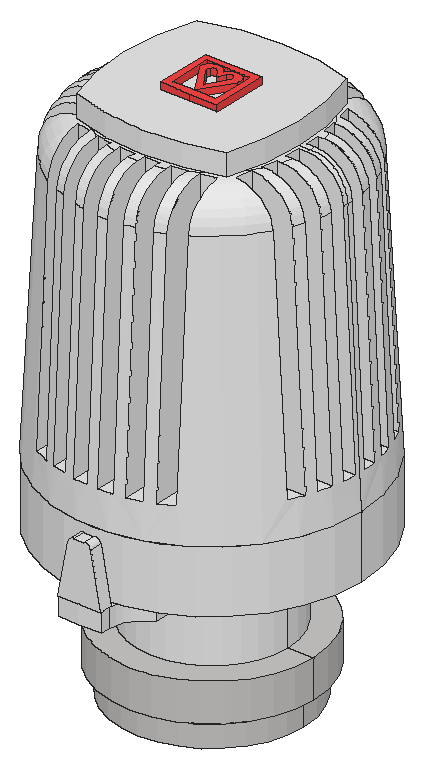
Revit family "HERZ-Classic-Thermostatic Sensor M28x1.5 7260", category Rohrzubehör, Revit 2019
Family settings
  Bemaßung runder Anschluss = Durchmesser verwenden
  Teiletyp = Normal
  OmniClass-Nummer = 23.65.55.14
  OmniClass-Titel = Valves for Liquid Services
  Arbeitsebenenbasiert = Nein
  Immer vertikal = Nein
  Beim Laden mit Abzugskörper schneiden = Nein
  Gemeinsam genutzt = Nein
Parameters
  Part number = 1726006  # constant formula
  Operation = "The HERZ-thermostat serves as probe and control element.\r\nThe valve spindle is moved when the volume of the liquid filling of the HERZ-hydrosensor changes."
  Model = "Radiator Thermostat With Hydrosensor (liquid filled)\r\nWith automatic frost protection and limitation and locking of set value range.\r\nWhite hand wheel."
  Frost protection = "6°C"  # constant formula
  W02 = 120.00°  # constant formula
  W01 = 135.00°  # constant formula
  URL = "www.herzvalves.com"
  Set value range = "6 - 28°C"  # constant formula
  S02 = 60.000 mm  # constant formula
  S01 = H02 + H07  # 79.500 mm
  R08 = 15.000 mm  # constant formula
  R07 = 6.000 mm  # constant formula
  R06 = 24.000 mm  # constant formula
  R05 = 16.350 mm  # constant formula
  R04 = 14.750 mm  # constant formula
  R03 = 13.200 mm  # constant formula
  R02 = 12.200 mm  # constant formula
  R01 = 22.400 mm  # constant formula
  Hersteller = "HERZ Armaturen Ges.m.b.H."  # constant formula
  Hand wheel = "plastic, white"  # constant formula
  H09 = 3.500 mm  # constant formula
  H08 = 10.000 mm  # constant formula
  H07 = 59.000 mm  # constant formula
  H06 = 3.500 mm  # constant formula
  H05 = 10.500 mm  # constant formula
  H04 = 11.700 mm  # constant formula
  H03 = 4.500 mm  # constant formula
  H02 = 20.500 mm  # constant formula
  H01 = 45.800 mm  # constant formula
  Application = "Can be combined with any HERZ-valve suitable for thermostatic operation."
Reference planes
  plane 1 "Mitte (Vorne/hinten)": y = 0
  plane 2: z = 0
  plane 3 "Mitte (Links/rechts)": x = 0
Forms (mm)
  Revolve 1, solid, material "Messing verzinkt", detail levels fine
    sketch origin (0, 0, 0) x (1, 0, 0) y (0, 0, 1)
      loop
        line (0, 4.5) -> (13.2, 4.5) -> (13.2, -3.563) -> (14.75, -3.563) -> (14.75, -0.063) -> (16.35, 0.861) -> (16.35, 6.937) -> (0, 6.937) -> (0, 4.5)
      axis (0, 6.937) -> (0, -3.563)
    angle from 0 to 360
  Revolve 2, solid, material "Kunststoff weiß", detail levels fine
    sketch origin (0, 0, 0) x (1, 0, 0) y (0, 0, 1)
      loop
        line (0, 20.5) -> (24, 20.5) -> (24, 30.5) -> (21.791, 73.806)
        arc (21.791, 73.806) -> (19.931, 77.849) -> (15.798, 79.5) r 6
        line (15.798, 79.5) -> (0, 79.5) -> (0, 20.5)
      axis (0, 79.5) -> (0, 20.5)
    angle from 0 to 360
  Extrusion 3, void
    sketch origin (0, 0, 0) x (1, 0, 0) y (0, 1, 0)
      loop
        line (24.458, 0.8) -> (24.458, 3.2) -> (14.361, 3.2)
        arc (14.361, 3.2) -> (14.446, 2.001) -> (14.491, 0.8) r 37
        line (14.491, 0.8) -> (24.458, 0.8)
      loop
        line (24.458, 4.8) -> (24.458, 7.2) -> (13.793, 7.2)
        arc (13.793, 7.2) -> (14.01, 6.003) -> (14.187, 4.8) r 37
        line (14.187, 4.8) -> (24.458, 4.8)
      loop
        line (24.458, 8.8) -> (24.458, 11.2) -> (12.764, 11.2)
        arc (12.764, 11.2) -> (13.121, 10.006) -> (13.438, 8.8) r 37
        line (13.438, 8.8) -> (24.458, 8.8)
      loop
        line (24.458, -0.8) -> (14.491, -0.8)
        arc (14.491, -0.8) -> (14.446, -2.001) -> (14.361, -3.2) r 37
        line (14.361, -3.2) -> (24.458, -3.2) -> (24.458, -0.8)
      loop
        line (24.458, -4.8) -> (14.187, -4.8)
        arc (14.187, -4.8) -> (14.01, -6.003) -> (13.793, -7.2) r 37
        line (13.793, -7.2) -> (24.458, -7.2) -> (24.458, -4.8)
      loop
        line (24.458, -8.8) -> (13.438, -8.8)
        arc (13.438, -8.8) -> (13.121, -10.006) -> (12.764, -11.2) r 37
        line (12.764, -11.2) -> (24.458, -11.2) -> (24.458, -8.8)
      loop
        line (-24.458, 0.8) -> (-14.491, 0.8)
        arc (-14.491, 0.8) -> (-14.446, 2.001) -> (-14.361, 3.2) r 37
        line (-14.361, 3.2) -> (-24.458, 3.2) -> (-24.458, 0.8)
      loop
        line (-24.458, 4.8) -> (-14.187, 4.8)
        arc (-14.187, 4.8) -> (-14.01, 6.003) -> (-13.793, 7.2) r 37
        line (-13.793, 7.2) -> (-24.458, 7.2) -> (-24.458, 4.8)
      loop
        line (-24.458, 8.8) -> (-13.438, 8.8)
        arc (-13.438, 8.8) -> (-13.121, 10.006) -> (-12.764, 11.2) r 37
        line (-12.764, 11.2) -> (-24.458, 11.2) -> (-24.458, 8.8)
      loop
        line (-24.458, -0.8) -> (-24.458, -3.2) -> (-14.361, -3.2)
        arc (-14.361, -3.2) -> (-14.446, -2.001) -> (-14.491, -0.8) r 37
        line (-14.491, -0.8) -> (-24.458, -0.8)
      loop
        line (-24.458, -4.8) -> (-24.458, -7.2) -> (-13.793, -7.2)
        arc (-13.793, -7.2) -> (-14.01, -6.003) -> (-14.187, -4.8) r 37
        line (-14.187, -4.8) -> (-24.458, -4.8)
      loop
        line (-24.458, -8.8) -> (-24.458, -11.2) -> (-12.764, -11.2)
        arc (-12.764, -11.2) -> (-13.121, -10.006) -> (-13.438, -8.8) r 37
        line (-13.438, -8.8) -> (-24.458, -8.8)
      loop
        line (0.8, 24.458) -> (0.8, 14.491)
        arc (0.8, 14.491) -> (2.001, 14.446) -> (3.2, 14.361) r 37
        line (3.2, 14.361) -> (3.2, 24.458) -> (0.8, 24.458)
      loop
        line (4.8, 24.458) -> (4.8, 14.187)
        arc (4.8, 14.187) -> (6.003, 14.01) -> (7.2, 13.793) r 37
        line (7.2, 13.793) -> (7.2, 24.458) -> (4.8, 24.458)
      loop
        line (8.8, 24.458) -> (8.8, 13.438)
        arc (8.8, 13.438) -> (10.006, 13.121) -> (11.2, 12.764) r 37
        line (11.2, 12.764) -> (11.2, 24.458) -> (8.8, 24.458)
      loop
        line (-0.8, 24.458) -> (-3.2, 24.458) -> (-3.2, 14.361)
        arc (-3.2, 14.361) -> (-2.001, 14.446) -> (-0.8, 14.491) r 37
        line (-0.8, 14.491) -> (-0.8, 24.458)
      loop
        line (-4.8, 24.458) -> (-7.2, 24.458) -> (-7.2, 13.793)
        arc (-7.2, 13.793) -> (-6.003, 14.01) -> (-4.8, 14.187) r 37
        line (-4.8, 14.187) -> (-4.8, 24.458)
      loop
        line (-8.8, 24.458) -> (-11.2, 24.458) -> (-11.2, 12.764)
        arc (-11.2, 12.764) -> (-10.006, 13.121) -> (-8.8, 13.438) r 37
        line (-8.8, 13.438) -> (-8.8, 24.458)
      loop
        line (0.8, -24.458) -> (3.2, -24.458) -> (3.2, -14.361)
        arc (3.2, -14.361) -> (2.001, -14.446) -> (0.8, -14.491) r 37
        line (0.8, -14.491) -> (0.8, -24.458)
      loop
        line (4.8, -24.458) -> (7.2, -24.458) -> (7.2, -13.793)
        arc (7.2, -13.793) -> (6.003, -14.01) -> (4.8, -14.187) r 37
        line (4.8, -14.187) -> (4.8, -24.458)
      loop
        line (8.8, -24.458) -> (11.2, -24.458) -> (11.2, -12.764)
        arc (11.2, -12.764) -> (10.006, -13.121) -> (8.8, -13.438) r 37
        line (8.8, -13.438) -> (8.8, -24.458)
      loop
        line (-0.8, -24.458) -> (-0.8, -14.491)
        arc (-0.8, -14.491) -> (-2.001, -14.446) -> (-3.2, -14.361) r 37
        line (-3.2, -14.361) -> (-3.2, -24.458) -> (-0.8, -24.458)
      loop
        line (-4.8, -24.458) -> (-4.8, -14.187)
        arc (-4.8, -14.187) -> (-6.003, -14.01) -> (-7.2, -13.793) r 37
        line (-7.2, -13.793) -> (-7.2, -24.458) -> (-4.8, -24.458)
      loop
        line (-8.8, -24.458) -> (-8.8, -13.438)
        arc (-8.8, -13.438) -> (-10.006, -13.121) -> (-11.2, -12.764) r 37
        line (-11.2, -12.764) -> (-11.2, -24.458) -> (-8.8, -24.458)
    from 36 to 81.5
  Extrusion 4, solid, material "Kunststoff weiß", detail levels fine
    sketch origin (0, 0, 0) x (1, 0, 0) y (0, 1, 0)
      loop
        arc (12, 12) -> (0, 14) -> (-12, 12) r 37
        arc (-12, 12) -> (-14, 0) -> (-12, -12) r 37
        arc (-12, -12) -> (0, -14) -> (12, -12) r 37
        arc (12, -12) -> (14, 0) -> (12, 12) r 37
    from 79.5 to 83
  Extrusion 5, solid, material "Kunststoff weiß", detail levels fine
    sketch origin (0.017, -0.017, 0) x (0, -1, 0) y (1, 0, 0)
      loop
        line (14.714, 6.983) -> (14.714, -7.017) -> (19.645, -7.017)
        arc (19.645, -7.017) -> (21.761, -4.508) -> (24.882, -3.488) r 6
        line (24.882, -3.488) -> (26.272, -3.488)
        arc (26.272, -3.488) -> (26.5, 0) -> (26.267, 3.488) r 26.5
        line (26.267, 3.488) -> (24.882, 3.488)
        arc (24.882, 3.488) -> (21.777, 4.497) -> (19.66, 6.983) r 6
        line (19.66, 6.983) -> (14.714, 6.983)
    from 17.5 to 20.5
  Extrusion 6, solid, material "Kunststoff weiß", detail levels fine
    sketch origin (0.017, -0.017, 3.5) x (1, 0, 0) y (0, 0, 1)
      loop
        arc (-0.8, 26.1) -> (-1.432, 25.875) -> (-1.779, 25.302) r 1
        line (-1.779, 25.302) -> (-3.488, 17) -> (3.488, 17) -> (1.779, 25.302)
        arc (1.779, 25.302) -> (1.432, 25.875) -> (0.8, 26.1) r 1
        line (0.8, 26.1) -> (-0.8, 26.1)
    from 26.5 to 24.5
  Revolve 7, solid, material "Kunststoff weiß", detail levels fine
    sketch origin (90.543, 0, 0) x (1, 0, 0) y (0, 0, 1)
      loop
        line (-90.543, 0) -> (-77.343, 0) -> (-77.343, 4.5) -> (-78.343, 4.5) -> (-78.343, 20.5) -> (-68.143, 20.5) -> (-68.143, 34.1) -> (-75.543, 34.1) -> (-75.543, 45.8) -> (-90.543, 45.8) -> (-90.543, 0)
      axis (-90.543, 45.8) -> (-90.543, 0)
    angle from 0 to 360
Cuts and joins
  Extrusion 3 cuts Revolve 2
Lines and regions (mm)
  model lines, detail levels coarse+medium
    curve 1: line (0, 0, 0) -> (0, 0, 19.5)
    curve 2: line (0, -0.017, 0) -> (0, 19.5, 0)
    curve 3: circle (0, 0, 49.5) r 30 normal (0, -1, 0)
    curve 4: circle (0, 0, 49.5) r 30 normal (1, 0, 0)
    curve 5: line (0, 0, 29.5) -> (0, 0, 69.5)
    curve 6: line (0, -17.5, 69.5) -> (0, 17.5, 69.5)
    curve 7: line (0, 0, 29.5) -> (0, 0, 69.5)
    curve 8: line (-17.5, 0, 69.5) -> (17.5, 0, 69.5)
    curve 9: circle (0, 49.5, 0) r 30 normal (0, 0, 1)
    curve 10: line (0, 29.5, 0) -> (0, 69.5, 0)
    curve 11: line (-17.5, 69.5, 0) -> (17.5, 69.5, 0)
Dimensions and locks
  "H05": Revolve 1 sketch curve to Revolve 1 sketch curve
  "H06": Revolve 1 sketch curve to Revolve 1 sketch curve
  "H03": Revolve 1 sketch curve to plane 2
  "R04": Revolve 1 sketch curve to plane 3 "Mitte (Links/rechts)"
  "R03": plane 3 "Mitte (Links/rechts)" to Revolve 1 sketch curve
  "R05": Revolve 1 sketch curve to plane 3 "Mitte (Links/rechts)"
  "H08": Revolve 2 sketch curve to Revolve 2 sketch curve
  "R06": Revolve 2 sketch curve to Revolve 2 sketch curve
  "H02": Revolve 2 sketch curve to plane 2
  "H02": Revolve 7 sketch curve to plane 2
  "H03": Revolve 7 sketch curve to Revolve 7 sketch curve
  "H01": Revolve 7 sketch curve to plane 2
  "H04": Revolve 7 sketch curve to Revolve 7 sketch curve
  "R03": Revolve 7 sketch curve to plane 3 "Mitte (Links/rechts)"
  "R02": plane 3 "Mitte (Links/rechts)" to Revolve 7 sketch curve
  "R01": plane 3 "Mitte (Links/rechts)" to Revolve 7 sketch curve
  "R08": plane 3 "Mitte (Links/rechts)" to Revolve 7 sketch curve
  "H07": Revolve 2 sketch curve to Revolve 2 sketch curve
  "S01": curve 4 to plane 2
  "S01": curve 3 to plane 2
  "S01": plane 1 "Mitte (Vorne/hinten)" to curve 9
  "R07": radius of Revolve 2 sketch curve
  "S02": diameter of curve 3
  "S02": diameter of curve 4
  "S02": diameter of curve 9
  "W02": angle Revolve 1 sketch curve to Revolve 1 sketch curve
  aligned and locked: level to plane 2
Automatic sketch dimensions
  plane 1 "Mitte (Vorne/hinten)" to Extrusion 4 sketch curve = 0.000 mm  (x2)
  Extrusion 4 sketch curve to plane 3 "Mitte (Links/rechts)" = 0.000 mm  (x2)
  Extrusion 4 sketch curve to plane 3 "Mitte (Links/rechts)" = 23.000 mm
  plane 3 "Mitte (Links/rechts)" to Extrusion 4 sketch curve = 23.000 mm
  plane 1 "Mitte (Vorne/hinten)" to Extrusion 4 sketch curve = 23.000 mm
  Extrusion 4 sketch curve to plane 1 "Mitte (Vorne/hinten)" = 23.000 mm
  Extrusion 4 sketch curve to plane 3 "Mitte (Links/rechts)" = 12.000 mm  (x2)
  plane 3 "Mitte (Links/rechts)" to Extrusion 4 sketch curve = 12.000 mm
  plane 1 "Mitte (Vorne/hinten)" to Extrusion 4 sketch curve = 12.000 mm
  Extrusion 3 sketch curve to Extrusion 3 sketch curve = 0.000 mm  (x58)
  plane 1 "Mitte (Vorne/hinten)" to Extrusion 3 sketch curve = 0.000 mm  (x2)
  Extrusion 3 sketch curve to plane 3 "Mitte (Links/rechts)" = 0.000 mm  (x2)
  Extrusion 3 sketch curve to plane 3 "Mitte (Links/rechts)" = 0.800 mm  (x2)
  Extrusion 3 sketch curve to Extrusion 3 sketch curve = 2.400 mm  (x12)
  Extrusion 3 sketch curve to Extrusion 3 sketch curve = 1.600 mm  (x16)
  Extrusion 3 sketch curve to Extrusion 3 sketch curve = 1.564 mm  (x8)
  Extrusion 3 sketch curve to Extrusion 3 sketch curve = 0.674 mm  (x5)
  Extrusion 3 sketch curve to Extrusion 3 sketch curve = 0.354 mm  (x8)
  Extrusion 3 sketch curve to Extrusion 3 sketch curve = 0.395 mm  (x4)
  Extrusion 3 sketch curve to Extrusion 3 sketch curve = 0.174 mm  (x8)
  plane 1 "Mitte (Vorne/hinten)" to Extrusion 3 sketch curve = 0.800 mm  (x2)
  Extrusion 3 sketch curve to Extrusion 3 sketch curve = 0.130 mm  (x2)
  Extrusion 3 sketch curve to plane 1 "Mitte (Vorne/hinten)" = 0.800 mm  (x2)
  Extrusion 3 sketch curve to Extrusion 3 sketch curve = 8.009 mm  (x3)
  Extrusion 3 sketch curve to Extrusion 3 sketch curve = 1.958 mm  (x7)
  plane 3 "Mitte (Links/rechts)" to Extrusion 3 sketch curve = 0.800 mm  (x2)
  Extrusion 3 sketch curve to Extrusion 3 sketch curve = 11.019 mm
  Extrusion 5 sketch curve to plane 3 "Mitte (Links/rechts)" = 0.000 mm
  plane 1 "Mitte (Vorne/hinten)" to Extrusion 5 sketch curve = 0.017 mm
  Extrusion 5 sketch curve to plane 3 "Mitte (Links/rechts)" = 7.000 mm
  plane 1 "Mitte (Vorne/hinten)" to Extrusion 5 sketch curve = 14.731 mm
  Extrusion 5 sketch curve to Extrusion 5 sketch curve = 4.930 mm
  Extrusion 5 sketch curve to Extrusion 5 sketch curve = 4.946 mm
  Extrusion 5 sketch curve to plane 3 "Mitte (Links/rechts)" = 3.471 mm
  Extrusion 5 sketch curve to Extrusion 5 sketch curve = 5.237 mm
  Extrusion 5 sketch curve to Extrusion 5 sketch curve = 5.222 mm
  Extrusion 5 sketch curve to Extrusion 5 sketch curve = 5.470 mm
  Extrusion 5 sketch curve to Extrusion 5 sketch curve = 0.233 mm
  Extrusion 5 sketch curve to Extrusion 5 sketch curve = 1.390 mm
  plane 3 "Mitte (Links/rechts)" to Extrusion 5 sketch curve = 3.505 mm
  Extrusion 5 sketch curve to Extrusion 5 sketch curve = 3.495 mm
  Extrusion 5 sketch curve to Extrusion 5 sketch curve = 0.000 mm
  Extrusion 6 sketch curve to plane 3 "Mitte (Links/rechts)" = 3.471 mm
  Extrusion 6 sketch curve to plane 3 "Mitte (Links/rechts)" = 1.763 mm
  Extrusion 6 sketch curve to plane 3 "Mitte (Links/rechts)" = 0.783 mm
  plane 3 "Mitte (Links/rechts)" to Extrusion 6 sketch curve = 0.817 mm
  Extrusion 6 sketch curve to Extrusion 6 sketch curve = 0.979 mm
  plane 3 "Mitte (Links/rechts)" to Extrusion 6 sketch curve = 3.505 mm
  level to Extrusion 6 sketch curve = 20.500 mm
  Extrusion 6 sketch curve to Extrusion 6 sketch curve = 8.100 mm
  Extrusion 6 sketch curve to Extrusion 6 sketch curve = 0.000 mm
  Extrusion 6 sketch curve to Extrusion 6 sketch curve = 0.202 mm
  curve 5 to plane 1 "Mitte (Vorne/hinten)" = 0.000 mm
  curve 4 to plane 1 "Mitte (Vorne/hinten)" = 0.000 mm
  plane 1 "Mitte (Vorne/hinten)" to curve 6 = 17.500 mm
  curve 5 to curve 6 = 17.500 mm
  curve 5 to curve 4 = 20.000 mm
  curve 4 to curve 6 = 20.000 mm
  curve 3 to plane 3 "Mitte (Links/rechts)" = 0.000 mm
  curve 7 to plane 3 "Mitte (Links/rechts)" = 0.000 mm
  curve 1 to plane 3 "Mitte (Links/rechts)" = 0.000 mm
  curve 1 to level = 0.000 mm
  curve 8 to curve 7 = 17.500 mm
  plane 3 "Mitte (Links/rechts)" to curve 8 = 17.500 mm
  curve 1 to curve 7 = 10.000 mm
  curve 3 to curve 8 = 20.000 mm
  curve 9 to plane 3 "Mitte (Links/rechts)" = 0.000 mm
  curve 10 to plane 3 "Mitte (Links/rechts)" = 0.000 mm
  curve 2 to plane 3 "Mitte (Links/rechts)" = 0.000 mm
  curve 11 to curve 10 = 17.500 mm
  plane 3 "Mitte (Links/rechts)" to curve 11 = 17.500 mm
  plane 1 "Mitte (Vorne/hinten)" to curve 2 = 0.017 mm
  curve 2 to curve 10 = 10.000 mm
  curve 9 to curve 11 = 20.000 mm
  Revolve 1 sketch curve to plane 3 "Mitte (Links/rechts)" = 0.000 mm  (x2)
  level to Revolve 1 sketch curve = 0.861 mm
  Revolve 1 sketch curve to Revolve 1 sketch curve = 362.982 mm
  Revolve 1 sketch curve to Revolve 1 sketch curve = 2206.878 mm
  Revolve 2 sketch curve to plane 3 "Mitte (Links/rechts)" = 0.000 mm  (x2)
  plane 3 "Mitte (Links/rechts)" to Revolve 2 sketch curve = 15.798 mm
  Revolve 2 sketch curve to Revolve 2 sketch curve = 5.992 mm
  Revolve 2 sketch curve to level = 366.045 mm
  Revolve 2 sketch curve to Revolve 2 sketch curve = 2138.315 mm
  Revolve 7 sketch curve to level = 0.000 mm  (x2)
  Revolve 7 sketch curve to plane 3 "Mitte (Links/rechts)" = 0.000 mm  (x2)
  Revolve 7 sketch curve to Revolve 7 sketch curve = 0.000 mm
Nested families
  nested 1: "Herz-Logo" at (0, 0, 82.5), type "Herz-Logo", detail levels fine
Definition of nested family "Herz-Logo"
  Reference planes
    plane 1 "Mitte (Vorne/hinten)": y = 0
    plane 2: z = 0
    plane 3 "Mitte (Links/rechts)": x = 0
  Forms (mm)
    Extrusion 1, solid
      sketch origin (0, 0, 0) x (1, 0, 0) y (0, 1, 0)
        loop
          line (-0.018, -4.517) -> (4.482, -4.517) -> (4.482, 4.483) -> (-4.518, 4.483) -> (-4.518, -4.517) -> (-0.018, -4.517)
        loop
          line (-0.05, -3.48) -> (3.482, -3.48) -> (3.482, 3.483) -> (-3.518, 3.483) -> (-3.518, -3.48) -> (-0.05, -3.48)
        loop
          arc (-0.018, 2.383) -> (-1.543, 3.287) -> (-3.067, 2.383) r 1.738
          arc (-3.067, 2.383) -> (-3.191, 1.899) -> (-3.067, 1.415) r 1.009
          line (-3.067, 1.415) -> (-0.018, -3.281) -> (3.032, 1.415)
          arc (3.032, 1.415) -> (3.156, 1.899) -> (3.032, 2.383) r 1.009
          arc (3.032, 2.383) -> (1.507, 3.287) -> (-0.018, 2.383) r 1.738
        loop
          arc (1.885, 1.272) -> (2.005, 1.675) -> (1.885, 2.079) r 0.74
          arc (1.885, 2.079) -> (1.265, 2.416) -> (0.644, 2.079) r 0.74
          line (0.644, 2.079) -> (-0.018, 0.97) -> (-0.679, 2.079)
          arc (-0.679, 2.079) -> (-1.3, 2.416) -> (-1.921, 2.079) r 0.74
          arc (-1.921, 2.079) -> (-2.04, 1.675) -> (-1.921, 1.272) r 0.74
          line (-1.921, 1.272) -> (-0.018, -1.658) -> (1.885, 1.272)
      from 0 to 1.5
  Dimensions and locks
    aligned and locked: level to plane 2
